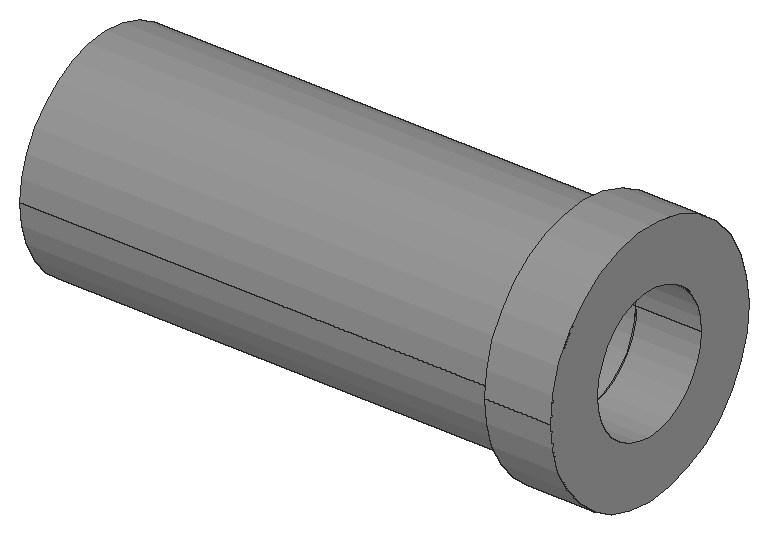
Revit family "Контейнер для шприца индивидуальный", category Оборудование, Revit 2017
Family settings
  Размер круглого соединителя = Использовать диаметр
  Тип детали = Нормальный
  На основе рабочей плоскости = Нет
  Всегда вертикально = Да
  При загрузке вырезать с полостями = Нет
  Общий = Нет
  Точка расчета площади = Нет
Parameters (values of type "Comecer BHP 10 мл")
  Общ_Ширина = 75.0 mm
  Общ_Тип, марка = "BHP"
  Общ_Примечание = ""
  Общ_Поставщик = "Comecer"
  Общ_Позиция = ""
  Общ_Наименование = "Контейнер защитный для шприца 10 мл, защита из 7,5 мм вольфрама"
  Общ_Масса = ""
  Общ_Код продукции = ""
  Общ_Единицы измерения = "шт."
  Общ_Глубина = 33.0 mm
  Общ_Высота = 33.0 mm
  Keynote = ""
  Model = ""
Types (7, lengths in mm): name | Общ_Ширина | Общ_Тип, марка | Общ_Поставщик | Общ_Позиция | Общ_Наименование | Общ_Масса | Общ_Глубина | Общ_Высота
  Амплитуда 2 мл | 58.0 | "PST Series" | "Comecer" | "65" | "Контейнер защитный для шприца, вольфрам 4мм" | "0.19" | 26.5 | 26.5
  Амплитуда 5 мл | 66.0 | "КС-204А" | "Амплитуда" | "" | "Контейнер защитный для шприца 5 мл, свинцовый эквивалент 5 мм" | "0.27" | 30.5 | 30.5
  Амплитуда 10 мл | 78.5 | "КС-205А" | "Амплитуда" | "" | "Контейнер защитный для шприца 10 мл, свинцовый эквивалент 5 мм" | "0.360" | 33.0 | 33.0
  Comecer BHP 1 мл | 72.0 | "BHP" | "Comecer" | "" | "Контейнер защитный для шприца 1 мл, защита из 7,5 мм вольфрама" | "" | 23.0 | 23.0
  Comecer BHP 2/3 мл | 73.0 | "BHP" | "Comecer" | "" | "Контейнер защитный для шприца 2/3 мл, защита из 7,5 мм вольфрама" | "" | 27.0 | 27.0
  Comecer BHP 5 мл | 60.0 | "BHP" | "Comecer" | "" | "Контейнер защитный для шприца 5 мл, защита из 7,5 мм вольфрама" | "" | 31.0 | 31.0
  Comecer BHP 10 мл | 75.0 | "BHP" | "Comecer" | "" | "Контейнер защитный для шприца 10 мл, защита из 7,5 мм вольфрама" | "" | 33.0 | 33.0
Reference planes
  plane 1 "По центру (Вперед/Назад)": y = 0
  plane 2: z = 0
  plane 3 "По центру (Влево/Вправо)": x = 0
  plane 4: x = 33
  plane 5: x = -33
  plane 6: z = 15
Forms (mm)
  Extrusion 1, solid, material "Сталь, нержавеющая AISI 304", detail levels fine
    sketch origin (-33, 280, 1200) x (0, 1, 0) y (0, 0, 1)
      loop
        circle (-280, -1185) r 13
      loop
        circle (-280, -1185) r 8
    from 0 to 58
  Extrusion 2, solid, material "Сталь, нержавеющая AISI 304", detail levels fine
    sketch origin (-33, 280, 1200) x (0, 1, 0) y (0, 0, 1)
      loop
        circle (-280, -1185) r 15
      loop
        circle (-280, -1185) r 8
    from 66 to 58
Lines and regions (mm)
  symbolic lines, detail levels coarse+medium
    curve 1: line (-100, -50, 0) -> (100, -50, 0)
    curve 2: line (-100, 50, 0) -> (-100, -50, 0)
    curve 3: line (100, 50, 0) -> (-100, 50, 0)
    curve 4: line (100, -50, 0) -> (100, 50, 0)
Dimensions and locks
  aligned and locked: level to plane 2
